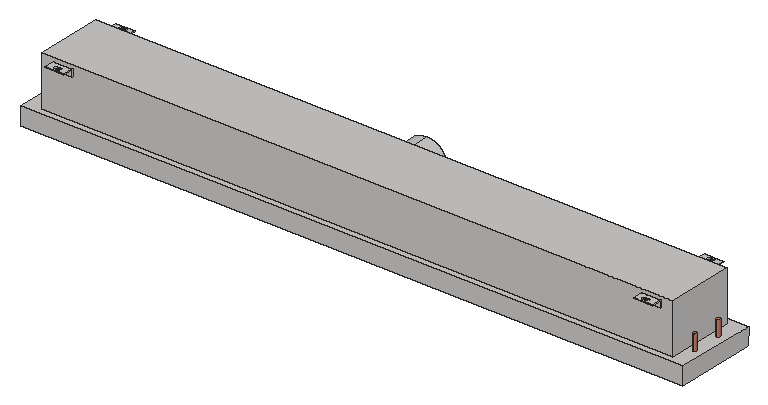
Revit family "HVAC-Chilled_Beam-Dadanco-ACB45", category Mechanical Equipment, Revit 2018
Family settings
  Round Connector Dimension = Use Diameter
  Part Type = Normal
  OmniClass Number = 23.75.70.17.31
  OmniClass Title = Induction Units
  Work Plane-Based = No
  Always vertical = Yes
  Cut with Voids When Loaded = No
  Shared = No
  Room Calculation Point = No
Parameters (values of type "8' Nominal Length")
  Zone Name [instance] = ""
  Zone ID [instance] = ""
  Unit Width = 1' - 11 3/4"  # constant formula
  Unit Weight = if(Nominal Unit Length = 2' 0", "21 lb", if(Nominal Unit Length = 4' 0", "43 lb", if(Nominal Unit Length = 6' 0", "65 lb", if(Nominal Unit Length = 8' 0", "87 lb", if(Nominal Unit Length = 10' 0", "108 lb", "0 lb")))))  # "87 lb"
  Unit Tag [instance] = ""
  Unit Height = 0' - 9 3/4"  # constant formula
  Total Cooling Capacity = 0.0 Btu/h
  Supply Air = 0 CFM
  Sound Level dBA = ""
  Sound Level NC = ""
  Secondary Air Sensible Heating = 0.0 Btu/h
  Secondary Air Sensible Cooling = 0.0 Btu/h
  SHHW Temperature = 0 °F
  SHHW Pressure Drop [instance] = HWPD  # 0 Pa
  SHHW Flow [instance] = HWF  # 0 GPM
  SCHW Temperature = 0 °F
  SCHW Pressure Drop [instance] = CWPD  # 0 Pa
  SCHW Flow [instance] = CWF  # 0 GPM
  Primary Air Static Pressure [instance] = PASP  # 0.00 in-wg
  Primary Air Inlet Top [instance] = not(Primary Air Inlet Back)  # no
  Primary Air Inlet Size = 0' - 6"
  Primary Air Inlet Back [instance] = yes
  Primary Air Flow Rate [instance] = PA  # 0 CFM
  PASP = 0.00 in-wg
  PA = 0 CFM
  Origin1 = Nominal Unit Length / 2  # 4' - 0"
  Nozzle Configuration = ""
  Nominal Unit Length = 8' - 0"
  Net Unit Heating Sensible = 0.0 Btu/h
  Net Unit Cooling Sensible = 0.0 Btu/h
  Unit Length = Nominal Unit Length - 0' 0 1/4"  # 7' - 11 3/4"
  URL = "http://www.dadanco.com/"
  Type Comments = "2-way Discharge Horizontal Coil, 1' Wide"  # constant formula
  SHHW Temp Out = 0 °F
  SCHW Temp Out = 0 °F
  Product Page URL = ""
  Latent Cooling = 0.0 Btu/h
  Keynote = ""
  Heating Supply Air Temperature = 0 °F
  Heating Room Dry Bulb = 0 °F
  Heating Primary Air Dry Bulb = 0 °F
  HWPD = 0 Pa
  HWF = 0 GPM
  Front Back Air Inlet [instance] = or(Primary Air Inlet Top, Primary Air Inlet Back)  # yes
  Pipe Material = Metal-Dadanco-Copper-Satin
  Pipe Coil Outlet = "2 Pipe Coi, 0.5 inch SWT Stub Coil Connection"
  Pipe Coil Inlet = "2 Pipe Coi, 0.5 inch SWT Stub Coil Connection"
  Documentation Link = ""
  Cooling Supply Air Temperature = 0 °F
  Cooling Room Relative Humidity = 0
  Cooling Room Dry Bulb = 0 °F
  Cooling Primary Air Wet Bulb = 0 °F
  Cooling Primary Air Dry Bulb = 0 °F
  Coil Connection Right [instance] = yes
  Coil Connection Left [instance] = not(Coil Connection Right)  # no
  Revision Date = "05/27/2021"  # constant formula
  Model = "ACB45"  # constant formula
  Manufacturer = "Dadanco"  # constant formula
  Housing Material = Metal-Dadanco-Steel-Galvanized
  Description = "Active Chilled Beam"  # constant formula
  CWPD = 0 Pa
  CWF = 0 GPM
  4 Pipe Coil Configuration Right [instance] = and([4 Pipe Coil Configuration], Coil Connection Right)  # no
  4 Pipe Coil Configuration Left [instance] = and([4 Pipe Coil Configuration], Coil Connection Left)  # no
  4 Pipe Coil Configuration = if([2 or 4 pipe] = 4, 1 = 1, 1 = 0)  # no
  2 or 4 pipe = 2
  2 Pipe Coil Configuration = if([2 or 4 pipe] = 2, 1 = 1, 1 = 0)  # yes
  Assembly Code = "D3040100"
Types (6): name | Unit Weight | Primary Air Inlet Top | Primary Air Inlet Back | Origin1 | Nominal Unit Length | Unit Length | Product Page URL | Keynote | Documentation Link | Housing Material
  (no name) | "87 lb" | no | yes | 4' - 0" | 8' - 0" | 7' - 11 3/4" | "" | "" | "" | Metal-Dadanco-Steel-Galvanized
  4' Nominal Length | "43 lb" | yes | no | 2' - 0" | 4' - 0" | 3' - 11 3/4" | "" | "" | "" | Metal-Dadanco-Steel-Galvanized
  2' Nominal Length | "21 lb" | yes | no | 1' - 0" | 2' - 0" | 1' - 11 3/4" | "http://www.activechilledbeam.com/efficient_air_conditioning.asp" | "23 37 00.A1" | "http://www.dadanco.com/ACB/air_conditioning_literature.asp?productLineID=30" | Metal-Dadanco-Steel-Galvanized
  6' Nominal Length | "65 lb" | no | yes | 3' - 0" | 6' - 0" | 5' - 11 3/4" | "" | "23 37 00.A1" | "" | Metal-Dadanco-Aluminum-Bone White
  8' Nominal Length | "87 lb" | no | yes | 4' - 0" | 8' - 0" | 7' - 11 3/4" | "" | "" | "" | Metal-Dadanco-Steel-Galvanized
  10' Nominal Length | "108 lb" | no | yes | 5' - 0" | 10' - 0" | 9' - 11 3/4" | "" | "" | "" | Metal-Dadanco-Steel-Galvanized
Reference planes (in)
  plane 1 "Top Face of Plenum": z = 9.75
  plane 2 "Center (Left/Right)": x = 0.55581
  plane 3 "Right End": x = 48.43081
  plane 4 "Bottom Face": z = 0
  plane 5 "Left End": x = -47.31919
  plane 6 "SideAir_elev_ctr": z = 6.41
  plane 7 "Back_End": y = 12.64587
  plane 8 "Center (Front/Back)": y = 6.77087
  plane 9 "Front_End": y = 0.89587
  plane 10 "Heating LHS": y = 8.89587
  plane 11 "Cooling LHS": y = 7.64587
  plane 12 "Heating RHS": y = 5.89587
  plane 13 "Cooling RHS": y = 4.64587
  plane 14 "Inner_Pipes_RHS": x = 47.36831
  plane 15 "Outer_pipes_RHS": x = 47.11831
  plane 16 "outer_pipes_LHS": x = -45.99919
  plane 17 "Inner_pipes_LHS": x = -46.24919
  plane 18 "MTG_BRK_Height": z = 9.25
  plane 19 "mtg_front": y = 0.39587
  plane 20 "Brackets_opp": x = -41.91919
  plane 21 "Brack_RHS": x = 43.03081
Forms (in)
  Extrusion 1, solid, material "Metal-Dadanco-Steel-Galvanized" <- "Housing Material"
    sketch origin (0.55581, -0.25, 0) x (0, 1, 0) y (0, 0, 1)
      loop
        line (12.64627, 0) -> (12.89587, 0) -> (12.89587, 2.511) -> (11.89587, 2.511) -> (11.89587, 9.75) -> (2.14587, 9.75) -> (2.14587, 2.511) -> (1.14587, 2.511) -> (1.14587, 0) -> (1.89587, 0) -> (12.64627, 0)
    from -47.875 to 47.875
  Extrusion 2, solid, material "Metal-Dadanco-Steel-Galvanized", visible <- "Primary Air Inlet Back"
    sketch origin (0.55581, 11.64587, 2.68188) x (0, 0, 1) y (1, 0, 0)
      loop
        circle (3.719, 0) r 3
    from 0 to 2.83
  Extrusion 3, void
    sketch origin (48.43081, -0.25, 0) x (0, -1, 0) y (0, 0, 1)
      loop
        line (-2.14587, 9.761) -> (-11.89587, 9.761) -> (-11.89587, 2.511) -> (-2.14587, 2.511) -> (-2.14587, 9.761)
    from 0 to 2.27344
  Extrusion 4, void
    sketch origin (-47.31919, -0.25, 0) x (0, 1, 0) y (0, 0, 1)
      loop
        line (11.89587, 9.761) -> (2.14587, 9.761) -> (2.14587, 2.511) -> (11.89587, 2.511) -> (11.89587, 9.761)
    from 0 to 2.27344
  Extrusion 5, solid, material "Metal-Dadanco-Copper-Satin" <- "Pipe Material", visible <- "4 Pipe Coil Configuration Left", detail levels medium+fine
    sketch origin (0.20581, 13.73356, 2.511) x (0, -1, 0) y (1, 0, 0)
      loop
        circle (7.83621, -46.45223) r 0.25
    from 0 to 2.14844
  Extrusion 6, solid, material "Metal-Dadanco-Copper-Satin" <- "Pipe Material", visible <- "Coil Connection Left", detail levels medium+fine
    sketch origin (0.20581, 15.29526, 2.511) x (0, -1, 0) y (1, 0, 0)
      loop
        circle (10.653, -46.20671) r 0.25
    from 0 to 2.14844
  Extrusion 7, solid, material "Metal-Dadanco-Copper-Satin" <- "Pipe Material", visible <- "Coil Connection Left", detail levels medium+fine
    sketch origin (0.19948, 11.55066, 2.511) x (0, -1, 0) y (1, 0, 0)
      loop
        circle (2.65716, -46.19838) r 0.25
    from 0 to 2.14844
  Extrusion 8, solid, material "Metal-Dadanco-Copper-Satin" <- "Pipe Material", visible <- "4 Pipe Coil Configuration Left", detail levels medium+fine
    sketch origin (0.20581, 12.8597, 2.511) x (0, -1, 0) y (1, 0, 0)
      loop
        circle (5.21178, -46.45787) r 0.25
    from 0 to 2.14844
  Extrusion 9, solid, material "Metal-Dadanco-Copper-Satin" <- "Pipe Material", visible <- "4 Pipe Coil Configuration Right", detail levels medium+fine
    sketch origin (0.93081, 13.65385, 2.511) x (0, -1, 0) y (1, 0, 0)
      loop
        circle (7.75929, 46.44284) r 0.25
    from 0 to 2.14844
  Extrusion 10, solid, material "Metal-Dadanco-Copper-Satin" <- "Pipe Material", visible <- "Coil Connection Right", detail levels medium+fine
    sketch origin (0.90581, 15.29054, 2.511) x (0, -1, 0) y (1, 0, 0)
      loop
        circle (10.64587, 46.21319) r 0.25
    from 0 to 2.14844
  Extrusion 11, solid, material "Metal-Dadanco-Copper-Satin" <- "Pipe Material", visible <- "Coil Connection Right", detail levels medium+fine
    sketch origin (1.2016, 11.54258, 2.511) x (0, -1, 0) y (1, 0, 0)
      loop
        circle (2.653, 45.911) r 0.25
    from 0 to 2.14844
  Extrusion 12, solid, material "Metal-Dadanco-Copper-Satin" <- "Pipe Material", visible <- "4 Pipe Coil Configuration Right", detail levels medium+fine
    sketch origin (0.90581, 12.85925, 2.511) x (0, -1, 0) y (1, 0, 0)
      loop
        circle (5.21674, 46.46841) r 0.25
    from 0 to 2.14844
  Extrusion 13, solid, material "Metal-Dadanco-Steel-Galvanized", visible <- "Primary Air Inlet Top"
    sketch origin (0.55581, 14.78072, 9.75) x (0, -1, 0) y (1, 0, 0)
      loop
        circle (8, 0) r 3
    from 0 to 3.30078
  Extrusion 14, solid, material "Metal-Dadanco-Steel-Galvanized"
    sketch origin (48.43081, 0, 0) x (0, 1, 0) y (0, 0, -1)
      loop
        line (0.39587, -9.25) -> (1.89587, -9.25) -> (1.89587, -8.25) -> (1.83587, -8.25) -> (1.83587, -9.19) -> (0.39587, -9.19) -> (0.39587, -9.25)
    from 4 to 6.75
  Extrusion 15, void
    sketch origin (47.49919, 10.51628, 9.25) x (-1, 0, 0) y (0, 1, 0)
      loop
        line (4.71897, -9.37041) -> (4.21897, -9.37041)
        spline (4.21897, -9.37041) -> (4.15427, -9.37893) -> (4.09397, -9.4039) -> (4.0422, -9.44363) -> (4.00247, -9.49541) -> (3.97749, -9.55571) -> (3.96897, -9.62041) -> (3.97749, -9.68511) -> (4.00247, -9.74541) -> (4.0422, -9.79719) -> (4.09397, -9.83692) -> (4.15427, -9.86189) -> (4.21897, -9.87041)
        line (4.21897, -9.87041) -> (4.71897, -9.87041)
        spline (4.71897, -9.87041) -> (4.78368, -9.86189) -> (4.84397, -9.83692) -> (4.89575, -9.79719) -> (4.93548, -9.74541) -> (4.96045, -9.68511) -> (4.96897, -9.62041) -> (4.96045, -9.55571) -> (4.93548, -9.49541) -> (4.89575, -9.44363) -> (4.84397, -9.4039) -> (4.78368, -9.37893) -> (4.71897, -9.37041)
    from 0.125 to -0.0625
  Extrusion 16, solid, material "Metal-Dadanco-Steel-Galvanized"
    sketch origin (48.43081, 0, 0) x (0, 1, 0) y (0, 0, -1)
      loop
        line (13.14587, -9.25) -> (13.14587, -9.19) -> (11.70587, -9.19) -> (11.70587, -8.25) -> (11.64587, -8.25) -> (11.64587, -9.25) -> (13.14587, -9.25)
    from 4 to 6.75
  Extrusion 17, void
    sketch origin (47.50004, 3.02016, 9.25) x (1, 0, 0) y (0, -1, 0)
      loop
        spline (-4.71897, -9.37571) -> (-4.78368, -9.38423) -> (-4.84397, -9.40921) -> (-4.89575, -9.44894) -> (-4.93548, -9.50071) -> (-4.96045, -9.56101) -> (-4.96897, -9.62571) -> (-4.96045, -9.69042) -> (-4.93548, -9.75071) -> (-4.89575, -9.80249) -> (-4.84397, -9.84222) -> (-4.78368, -9.86719) -> (-4.71897, -9.87571)
        line (-4.71897, -9.87571) -> (-4.21897, -9.87571)
        spline (-4.21897, -9.87571) -> (-4.15427, -9.86719) -> (-4.09397, -9.84222) -> (-4.0422, -9.80249) -> (-4.00247, -9.75071) -> (-3.97749, -9.69042) -> (-3.96897, -9.62571) -> (-3.97749, -9.56101) -> (-4.00247, -9.50071) -> (-4.0422, -9.44894) -> (-4.09397, -9.40921) -> (-4.15427, -9.38423) -> (-4.21897, -9.37571)
        line (-4.21897, -9.37571) -> (-4.71897, -9.37571)
    from 0.125 to -0.0625
  Extrusion 18, solid, material "Metal-Dadanco-Steel-Galvanized"
    sketch origin (-47.31919, 29.0104, 48) x (0, 1, 0) y (0, 0, 1)
      loop
        line (-28.61453, -38.75) -> (-28.61453, -38.81) -> (-27.17453, -38.81) -> (-27.17453, -39.75) -> (-27.11453, -39.75) -> (-27.11453, -38.75) -> (-28.61453, -38.75)
    from 4 to 6.75
  Extrusion 19, void
    sketch origin (-49.25995, 2.59872, 9.25) x (-1, 0, 0) y (0, 1, 0)
      loop
        spline (-7.59061, -1.45285) -> (-7.65531, -1.46137) -> (-7.71561, -1.48634) -> (-7.76738, -1.52607) -> (-7.80711, -1.57785) -> (-7.83209, -1.63814) -> (-7.84061, -1.70285) -> (-7.83209, -1.76755) -> (-7.80711, -1.82785) -> (-7.76738, -1.87962) -> (-7.71561, -1.91935) -> (-7.65531, -1.94433) -> (-7.59061, -1.95285)
        line (-7.59061, -1.95285) -> (-7.09061, -1.95285)
        spline (-7.09061, -1.95285) -> (-7.0259, -1.94433) -> (-6.96561, -1.91935) -> (-6.91383, -1.87962) -> (-6.8741, -1.82785) -> (-6.84913, -1.76755) -> (-6.84061, -1.70285) -> (-6.84913, -1.63814) -> (-6.8741, -1.57785) -> (-6.91383, -1.52607) -> (-6.96561, -1.48634) -> (-7.0259, -1.46137) -> (-7.09061, -1.45285)
        line (-7.09061, -1.45285) -> (-7.59061, -1.45285)
    from 0.125 to -0.0625
  Extrusion 20, solid, material "Metal-Dadanco-Steel-Galvanized"
    sketch origin (-47.31919, 29.0104, 48) x (0, 1, 0) y (0, 0, 1)
      loop
        line (-15.86453, -38.75) -> (-17.36453, -38.75) -> (-17.36453, -39.75) -> (-17.30453, -39.75) -> (-17.30453, -38.81) -> (-15.86453, -38.81) -> (-15.86453, -38.75)
    from 4 to 6.75
  Extrusion 21, void
    sketch origin (-49.38841, 10.94302, 9.25) x (1, 0, 0) y (0, -1, 0)
      loop
        line (7.72355, -1.45285) -> (7.22355, -1.45285)
        spline (7.22355, -1.45285) -> (7.15885, -1.46137) -> (7.09855, -1.48634) -> (7.04678, -1.52607) -> (7.00705, -1.57785) -> (6.98207, -1.63814) -> (6.97355, -1.70285) -> (6.98207, -1.76755) -> (7.00705, -1.82785) -> (7.04678, -1.87962) -> (7.09855, -1.91935) -> (7.15885, -1.94433) -> (7.22355, -1.95285)
        line (7.22355, -1.95285) -> (7.72355, -1.95285)
        spline (7.72355, -1.95285) -> (7.78826, -1.94433) -> (7.84855, -1.91935) -> (7.90033, -1.87962) -> (7.94006, -1.82785) -> (7.96504, -1.76755) -> (7.97355, -1.70285) -> (7.96504, -1.63814) -> (7.94006, -1.57785) -> (7.90033, -1.52607) -> (7.84855, -1.48634) -> (7.78826, -1.46137) -> (7.72355, -1.45285)
    from 0.125 to -0.0625
Cuts and joins
  Extrusion 3, Extrusion 4, Extrusion 15 cuts Extrusion 1
  Extrusion 15, Extrusion 17, Extrusion 19 cuts Extrusion 14
  Extrusion 19, Extrusion 21 cuts Extrusion 18
  Extrusion 17 cuts Extrusion 16
  Extrusion 21 cuts Extrusion 20
Lines and regions (in)
  symbolic lines, not visible, detail levels medium+fine
    curve 1: arc (0.43081, -5.48123, 7.73) -> (0.55581, -5.48123, 7.855) -> (0.68081, -5.48123, 7.73) r 0.125
    curve 2: arc (0.68081, -5.48123, 7.73) -> (0.55581, -5.48123, 7.605) -> (0.43081, -5.48123, 7.73) r 0.125
Dimensions and locks (in)
  equal spacing: plane 5 "Left End", plane 2 "Center (Left/Right)", plane 3 "Right End"
  "Unit Length": plane 5 "Left End" to plane 3 "Right End"
  "Unit Height": plane 1 "Top Face of Plenum" to plane 4 "Bottom Face"
  Extrusion 2 to Extrusion 2 = 0' - 2.83"
  plane 4 "Bottom Face" to plane 6 "SideAir_elev_ctr" = 0' - 6.41"
  locked: plane 2 "Center (Left/Right)" to Extrusion 2 sketch curve at 0
  locked: Extrusion 13 sketch curve to plane 2 "Center (Left/Right)" at 0
  plane 7 "Back_End" to cut or joined group of Extrusion 1, Extrusion 3, Extrusion 4, Extrusion 15 = 0' - 0"
  locked: plane 7 "Back_End" to plane 8 "Center (Front/Back)" at 5.875
  plane 9 "Front_End" to plane 8 "Center (Front/Back)" = 0' - 5 7/8"
  Extrusion 1 sketch curve to Extrusion 1 sketch curve = 0' - 1"
  plane 8 "Center (Front/Back)" to plane 10 "Heating LHS" to plane 7 "Back_End" = 0' - 2 1/8", 0' - 3 3/4"
  plane 8 "Center (Front/Back)" to plane 11 "Cooling LHS" to plane 7 "Back_End" = 0' - 0 7/8", 0' - 5"
  cut or joined group of Extrusion 1, Extrusion 3, Extrusion 4, Extrusion 15 to plane 12 "Heating RHS" to cut or joined group of Extrusion 1, Extrusion 3, Extrusion 4, Extrusion 15 = 0' - 5", 0' - 6 3/4"
  plane 7 "Back_End" to plane 13 "Cooling RHS" to plane 9 "Front_End" = 0' - 8", 0' - 3 3/4"
  plane 9 "Front_End" to Extrusion 3 sketch curve to Extrusion 3 sketch curve = 0' - 1", 0' - 9 3/4"
  plane 4 "Bottom Face" to plane 6 "SideAir_elev_ctr" to Extrusion 13 = 0' - 6.41", 0' - 3.34"
  plane 9 "Front_End" to Extrusion 4 sketch curve to Extrusion 4 sketch curve = 0' - 1", 0' - 9 3/4"
  cut or joined group of Extrusion 1, Extrusion 3, Extrusion 4, Extrusion 15 to plane 14 "Inner_Pipes_RHS" to plane 3 "Right End" = 0' - 1 27/128", 0' - 1 1/16"
  plane 14 "Inner_Pipes_RHS" to plane 15 "Outer_pipes_RHS" to cut or joined group of Extrusion 1, Extrusion 3, Extrusion 4, Extrusion 15 = 0' - 0 1/4", 0' - 0 123/128"
  cut or joined group of Extrusion 1, Extrusion 3, Extrusion 4, Extrusion 15 to plane 16 "outer_pipes_LHS" to plane 5 "Left End" = 0' - 0.95344", 0' - 1.32"
  plane 5 "Left End" to plane 17 "Inner_pipes_LHS" to plane 16 "outer_pipes_LHS" = 0' - 1.07", 0' - 0 1/4"
  plane 4 "Bottom Face" to plane 18 "MTG_BRK_Height" to Extrusion 13 = 0' - 9 1/4", 0' - 0 1/2"
  plane 2 "Center (Left/Right)" to plane 3 "Right End" = 3' - 11 7/8"
  Extrusion 20 to cut or joined group of Extrusion 1, Extrusion 3, Extrusion 4, Extrusion 15 = 0' - 4"
  Extrusion 14 to cut or joined group of Extrusion 1, Extrusion 3, Extrusion 4, Extrusion 15 = 0' - 4"
  Extrusion 16 to plane 3 "Right End" = 0' - 4"
  locked: Extrusion 18 to Extrusion 19 at 0.25
  locked: Extrusion 17 to plane 7 "Back_End" at 0.25
  plane 21 "Brack_RHS" to plane 15 "Outer_pipes_RHS" = 0' - 4.0875"
  plane 5 "Left End" to plane 20 "Brackets_opp" = 0' - 5.4"
  aligned and locked: plane 4 "Bottom Face" to level
  aligned and locked: Extrusion 1 to plane 5 "Left End"
  aligned and locked: Extrusion 1 to plane 3 "Right End"
Automatic sketch dimensions
  level to Extrusion 1 sketch curve = 0' - 0"
  Extrusion 1 sketch curve to plane 9 "Front_End" = 0' - 0"
  Extrusion 1 sketch curve to plane 1 "Top Face of Plenum" = 0' - 0"
  Extrusion 1 sketch curve to plane 7 "Back_End" = 0' - 0"
  Extrusion 1 sketch curve to Extrusion 1 sketch curve = 0' - 0 3/4"
  Extrusion 1 sketch curve to plane 7 "Back_End" = 0' - 1"
  Extrusion 1 sketch curve to plane 7 "Back_End" = 0' - 0.2496"
  Extrusion 1 sketch curve to Extrusion 1 sketch curve = 0' - 2.511"  (x2)
  curve 1 to curve 2 = 0' - 0"  (x2)
  curve 2 to plane 2 "Center (Left/Right)" = 0' - 0"
  plane 6 "SideAir_elev_ctr" to curve 2 = 0' - 1.32"
  plane 2 "Center (Left/Right)" to curve 1 = 0' - 0 1/8"
  Extrusion 2 sketch curve to Extrusion 1 = 0' - 3.34912"
  Extrusion 1 to Extrusion 3 sketch curve = 0' - 0"
  Extrusion 3 sketch curve to Extrusion 1 = 0' - 0.011"
  Extrusion 1 to Extrusion 4 sketch curve = 0' - 0"
  Extrusion 4 sketch curve to Extrusion 1 = 0' - 0.011"
  plane 12 "Heating RHS" to Extrusion 5 sketch curve = 0' - 0.00148"
  plane 17 "Inner_pipes_LHS" to Extrusion 5 sketch curve = 0' - 0.00277"
  plane 16 "outer_pipes_LHS" to Extrusion 6 sketch curve = 0' - 0.00171"
  plane 13 "Cooling RHS" to Extrusion 6 sketch curve = 0' - 0.0036"
  Extrusion 7 sketch curve to plane 16 "outer_pipes_LHS" = 0' - 0.00029"
  Extrusion 7 sketch curve to plane 10 "Heating LHS" = 0' - 0.00237"
  plane 11 "Cooling LHS" to Extrusion 8 sketch curve = 0' - 0.00205"
  Extrusion 8 sketch curve to plane 17 "Inner_pipes_LHS" = 0' - 0.00287"
  Extrusion 9 sketch curve to plane 12 "Heating RHS" = 0' - 0.00131"
  plane 14 "Inner_Pipes_RHS" to Extrusion 9 sketch curve = 0' - 0.00534"
  plane 13 "Cooling RHS" to Extrusion 10 sketch curve = 0' - 0.0012"
  Extrusion 10 sketch curve to plane 15 "Outer_pipes_RHS" = 0' - 0.00069"
  Extrusion 11 sketch curve to plane 10 "Heating LHS" = 0' - 0.00629"
  plane 15 "Outer_pipes_RHS" to Extrusion 11 sketch curve = 0' - 0.00572"
  Extrusion 12 sketch curve to plane 11 "Cooling LHS" = 0' - 0.00336"
  plane 14 "Inner_Pipes_RHS" to Extrusion 12 sketch curve = 0' - 0.00591"
  plane 8 "Center (Front/Back)" to Extrusion 13 sketch curve = 0' - 0.00985"
  Extrusion 14 sketch curve to plane 18 "MTG_BRK_Height" = 0' - 0"
  Extrusion 14 sketch curve to plane 19 "mtg_front" = 0' - 0"
  Extrusion 14 sketch curve to plane 9 "Front_End" = 0' - 0.94"
  Extrusion 14 sketch curve to Extrusion 14 sketch curve = 0' - 0.06"  (x2)
  Extrusion 14 sketch curve to Extrusion 14 sketch curve = 0' - 0.94"
  Extrusion 15 sketch curve to Extrusion 14 = 0' - 0 1/4"
  Extrusion 14 to Extrusion 15 sketch curve = 0' - 1.1506"
  Extrusion 15 sketch curve to Extrusion 15 sketch curve = 0' - 0 1/2"  (x2)
  Extrusion 16 sketch curve to plane 18 "MTG_BRK_Height" = 0' - 0"
  plane 7 "Back_End" to Extrusion 16 sketch curve = 0' - 1"
  Extrusion 16 sketch curve to Extrusion 16 sketch curve = 0' - 0.06"  (x2)
  Extrusion 16 sketch curve to plane 7 "Back_End" = 0' - 0 1/2"
  Extrusion 16 sketch curve to Extrusion 16 sketch curve = 0' - 0.94"
  Extrusion 14 to Extrusion 17 sketch curve = 0' - 1.10025"
  Extrusion 17 sketch curve to Extrusion 17 sketch curve = 0' - 0 1/2"  (x2)
  Extrusion 14 to Extrusion 17 sketch curve = 0' - 10 1/2"
  Extrusion 18 sketch curve to plane 18 "MTG_BRK_Height" = 0' - 0"
  Extrusion 18 sketch curve to plane 19 "mtg_front" = 0' - 0"
  plane 9 "Front_End" to Extrusion 18 sketch curve = 0' - 0.94"
  Extrusion 18 sketch curve to Extrusion 18 sketch curve = 0' - 0.06"  (x2)
  Extrusion 18 sketch curve to Extrusion 18 sketch curve = 0' - 0.94"
  Extrusion 19 sketch curve to Extrusion 18 = 0' - 0 1/4"
  Extrusion 18 to Extrusion 19 sketch curve = 0' - 1.10015"
  Extrusion 19 sketch curve to Extrusion 19 sketch curve = 0' - 0 1/2"  (x2)
  Extrusion 20 sketch curve to plane 18 "MTG_BRK_Height" = 0' - 0"
  Extrusion 20 sketch curve to plane 7 "Back_End" = 0' - 1"
  Extrusion 20 sketch curve to Extrusion 20 sketch curve = 0' - 0.06"  (x2)
  plane 7 "Back_End" to Extrusion 20 sketch curve = 0' - 0 1/2"
  Extrusion 20 sketch curve to Extrusion 20 sketch curve = 0' - 0.94"
  Extrusion 18 to Extrusion 21 sketch curve = 0' - 1.15434"
  Extrusion 21 sketch curve to Extrusion 21 sketch curve = 0' - 0 1/2"  (x2)
  Extrusion 18 to Extrusion 21 sketch curve = 0' - 10 1/2"
  radius of Extrusion 2 sketch curve = 0' - 3"
  radius of Extrusion 5 sketch curve = 0' - 0 1/4"
  radius of Extrusion 6 sketch curve = 0' - 0 1/4"
  radius of Extrusion 7 sketch curve = 0' - 0 1/4"
  radius of Extrusion 8 sketch curve = 0' - 0 1/4"
  radius of Extrusion 9 sketch curve = 0' - 0 1/4"
  radius of Extrusion 10 sketch curve = 0' - 0 1/4"
  radius of Extrusion 11 sketch curve = 0' - 0 1/4"
  radius of Extrusion 12 sketch curve = 0' - 0 1/4"
  radius of Extrusion 13 sketch curve = 0' - 3"
Connectors (in)
  hvac at (0.55581, 14.47587, 6.40088), driven by "Primary Air Flow Rate", driven by "Primary Air Static Pressure", driven by "Primary Air Inlet Size"
    settings: on Extrusion 2, index 3, duct flow 0 CFM, flow factor 0, pres drop 0.00 in-wg, loss coef 0, conn angle 0.00°, conn width 7 215/256", conn height 2 41/64", conn diameter 6", duct sys type 1, conn prof type 0, flow config 1, flow direction 1, loss method 4, conn ref index -1, conn util no, is conn primary yes, conn desc "Primary Air Inlet Back (E)"
  hvac at (0.55581, 6.78072, 13.05078), driven by "Primary Air Static Pressure", driven by "Primary Air Flow Rate", driven by "Primary Air Inlet Size"
    settings: on Extrusion 13, index 21, duct flow 0 CFM, flow factor 0, pres drop 0.00 in-wg, loss coef 0, conn angle 0.00°, conn width 12", conn height 12", conn diameter 6", duct sys type 1, conn prof type 0, flow config 1, flow direction 1, loss method 4, conn ref index -1, conn util no, is conn primary no, conn desc "Primary Air Inlet Top"
  piping at (-45.9989, 8.89349, 4.65944), diameter 0.5
    settings: on Extrusion 7, index 22, connector inside diameter 24", connector length 0' - 0", flow factor 0, pipe flow 0 GPM, pressure drop 0 Pa, fitting loss kfactor 0, connector angle 0.00°, fixture units 0, engagement length 0' - 0", angle of deflection 0.00°, flow configuration 0, flow direction 0, fitting loss method 0, system type 7, joint type 0, gender type 0, connector reference index -1, connector utility 0, adjustable connector no, is connector primary yes, connector description ""
  piping at (-46.25206, 7.64792, 4.65944), diameter 0.5
    settings: on Extrusion 8, index 23, connector inside diameter 24", connector length 0' - 0", flow factor 0, pipe flow 0 GPM, pressure drop 0 Pa, fitting loss kfactor 0, connector angle 0.00°, fixture units 0, engagement length 0' - 0", angle of deflection 0.00°, flow configuration 0, flow direction 0, fitting loss method 0, system type 7, joint type 0, gender type 0, connector reference index -1, connector utility 0, adjustable connector no, is connector primary no, connector description ""
  piping at (-46.24642, 5.89734, 4.65944), diameter 0.5
    settings: on Extrusion 5, index 24, connector inside diameter 24", connector length 0' - 0", flow factor 0, pipe flow 0 GPM, pressure drop 0 Pa, fitting loss kfactor 0, connector angle 0.00°, fixture units 0, engagement length 0' - 0", angle of deflection 0.00°, flow configuration 0, flow direction 0, fitting loss method 0, system type 7, joint type 0, gender type 0, connector reference index -1, connector utility 0, adjustable connector no, is connector primary no, connector description ""
  piping at (-46.0009, 4.64226, 4.65944), diameter 0.5
    settings: on Extrusion 6, index 25, connector inside diameter 24", connector length 0' - 0", flow factor 0, pipe flow 0 GPM, pressure drop 0 Pa, fitting loss kfactor 0, connector angle 0.00°, fixture units 0, engagement length 0' - 0", angle of deflection 0.00°, flow configuration 0, flow direction 0, fitting loss method 0, system type 7, joint type 0, gender type 0, connector reference index -1, connector utility 0, adjustable connector no, is connector primary no, connector description ""
  piping at (47.119, 4.64467, 4.65944), diameter 0.5
    settings: on Extrusion 10, index 26, connector inside diameter 24", connector length 0' - 0", flow factor 0, pipe flow 0 GPM, pressure drop 0 Pa, fitting loss kfactor 0, connector angle 0.00°, fixture units 0, engagement length 0' - 0", angle of deflection 0.00°, flow configuration 0, flow direction 0, fitting loss method 0, system type 7, joint type 0, gender type 0, connector reference index -1, connector utility 0, adjustable connector no, is connector primary no, connector description ""
  piping at (47.37365, 5.89456, 4.65944), diameter 0.5
    settings: on Extrusion 9, index 27, connector inside diameter 24", connector length 0' - 0", flow factor 0, pipe flow 0 GPM, pressure drop 0 Pa, fitting loss kfactor 0, connector angle 0.00°, fixture units 0, engagement length 0' - 0", angle of deflection 0.00°, flow configuration 0, flow direction 0, fitting loss method 0, system type 7, joint type 0, gender type 0, connector reference index -1, connector utility 0, adjustable connector no, is connector primary no, connector description ""
  piping at (47.37423, 7.6425, 4.65944), diameter 0.5
    settings: on Extrusion 12, index 28, connector inside diameter 24", connector length 0' - 0", flow factor 0, pipe flow 0 GPM, pressure drop 0 Pa, fitting loss kfactor 0, connector angle 0.00°, fixture units 0, engagement length 0' - 0", angle of deflection 0.00°, flow configuration 0, flow direction 0, fitting loss method 0, system type 7, joint type 0, gender type 0, connector reference index -1, connector utility 0, adjustable connector no, is connector primary no, connector description ""
  piping at (47.1126, 8.88958, 4.65944), diameter 0.5
    settings: on Extrusion 11, index 29, connector inside diameter 24", connector length 0' - 0", flow factor 0, pipe flow 0 GPM, pressure drop 0 Pa, fitting loss kfactor 0, connector angle 0.00°, fixture units 0, engagement length 0' - 0", angle of deflection 0.00°, flow configuration 0, flow direction 0, fitting loss method 0, system type 7, joint type 0, gender type 0, connector reference index -1, connector utility 0, adjustable connector no, is connector primary no, connector description ""
